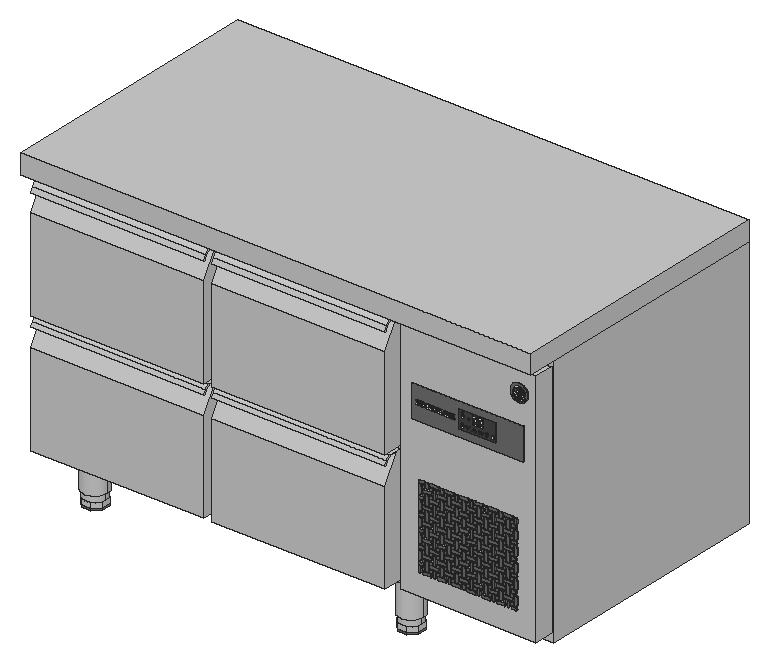
Revit family "QF_HOSHIZAKI_889000830", category Specialty Equipment, Revit 2016
Family settings
  Part Type = Normal
  Round Connector Dimension = Use Diameter
  OmniClass Number = 23.40.40.14
  OmniClass Title = Food Service Equipment
  Work Plane-Based = No
  Always vertical = Yes
  Cut with Voids When Loaded = No
  Shared = No
  Room Calculation Point = No
Parameters (values of type "889000830_230V/1Ph/50Hz")
  Weight = 95.00 kg
  Volts = 230 V
  URL Cutsheet = ""
  URL = "www.hoshizaki-europe.com"
  Status [instance] = ""
  Specification by User [instance] = ""
  Specification by Manufacturer [instance] = ""
  Serial Number = ""
  Seismic Rating = ""
  SMACNA No = ""
  Revision Code [instance] = ""
  Phase = 1
  Number of Poles = 2
  NAFEM Spec ID Number = ""
  Model = "ACR-130DG-22-CRC-L2"
  Min Ckt Ampacity = 0 A
  Max Overcurrent Protection = 0 A
  Masterspec = ""
  Manufacturer = "HOSHIZAKI"
  Length Actual = 1314 mm
  Item Number [instance] = ""
  Installed By [instance] = ""
  Identify Quantity as Lot [instance] = no
  Height Actual = 900 mm
  HP power = ""
  Furnished By [instance] = ""
  Foodservice Equipment Identifier [instance] = yes
  FL Amps = 1.1 A
  Electric power = 160 W
  Electric Connection Type [instance] = ""
  Elec Conn RI Height [instance] = 0 mm
  Elec Conn Connection Height [instance] = 200 mm
  Description = "ADVANCE 2-SECTION 1/1 GN REFRIGERATED COUNTER WITH 2 DRAWER SECTIONS EACH WITH 2 X 1/2 DRAWERS AND A FLAT WORKTOP"
  Depth Actual = 700 mm
  Cycle = 50 Hz
  Cost = 0
  Conn Plug = ""
  Conn Conduit = no
  CSI MasterFormat = ""
  Assembly Code = "E1090320"
  Apparent Power = 160 VA
  Accessory = no
Reference planes
  plane 1 "Center (Front/Back)": y = 0
  plane 2: z = 0
  plane 3 "Center (Left/Right)": x = 0
Forms (mm)
  Extrusion 1, solid, not visible
    sketch origin (1199, -17, 349) x (1, 0, 0) y (0, 1, 0)
      loop
        line (0, 0) -> (2, 0) -> (2, 2) -> (0, 2) -> (0, 0)
    from 0 to 2
Dimensions and locks
  aligned and locked: level to plane 2
Nested families
  nested 1: "QF_HOSHIZAKI_889000830_230V_1Ph_50Hz" at (0, 0, 150), type "889000830_230V/1Ph/50Hz"
    with Show Logo yes, Length Actual 1314 mm, Height Actual 650 mm, Depth Actual 700 mm, Compressor offset 958 mm, Compressor location 1
  nested 2: "QF_HOSHIZAKI_ADVANCE_REF-COUNTER-WORKTOPS" at (0, 0, 800), type "760660093"
    with Worktop thickness 50 mm, Length Actual 1314 mm, Depth Actual 700 mm, Backsplash thickness 20 mm, Backsplash height 100 mm
  nested 3: "QF_HOSHIZAKI_ADVANCE_REF-COUNTER-DOORS-DRAWERS" at (22, -700, 150), type "760660483-1"
    with Weight 0.00 kg, URL Cutsheet "", Status "", Specification by User "", Specification by Manufacturer "", Serial Number "", Seismic Rating "", Section size 446 mm, Section 3, SMACNA No "", Right hand hinged glass door no, Right hand hinged door no, Revision Code "", NAFEM Spec ID Number "", Masterspec "", Length Actual 0 mm, Left hand hinged glass door no, Left hand hinged door no, Item Number "", Installed By "", Identify Quantity as Lot no, Height Actual 0 mm, Furnished By "", Foodservice Equipment Identifier no, Depth Actual 0 mm, CSI MasterFormat "", Accessory yes, 3 Drawers no, 2 Drawers 1-3 and 2-3 no, 2 Drawers yes
  nested 4: "QF_HOSHIZAKI_ADVANCE_REF-COUNTER-DOORS-DRAWERS" at (488, -700, 150), type "760660483-1"
    with Weight 0.00 kg, URL Cutsheet "", Status "", Specification by User "", Specification by Manufacturer "", Serial Number "", Seismic Rating "", Section size 446 mm, Section 3, SMACNA No "", Right hand hinged glass door no, Right hand hinged door no, Revision Code "", NAFEM Spec ID Number "", Masterspec "", Length Actual 0 mm, Left hand hinged glass door no, Left hand hinged door no, Item Number "", Installed By "", Identify Quantity as Lot no, Height Actual 0 mm, Furnished By "", Foodservice Equipment Identifier no, Depth Actual 0 mm, CSI MasterFormat "", Accessory yes, 3 Drawers no, 2 Drawers 1-3 and 2-3 no, 2 Drawers yes
  nested 5: "QF_HOSHIZAKI_ADVANCE_REF-COUNTER-LEGS" at (0, 0, 0), type "760660118-5"
    with Weight 0.00 kg, URL Cutsheet "", Status "", Specification by User "", Specification by Manufacturer "", Serial Number "", Seismic Rating "", SMACNA No "", Revision Code "", NAFEM Spec ID Number "", Masterspec "", Length Actual 1314 mm, Legs inset right 430 mm, Legs inset rear 70 mm, Legs inset left 70 mm, Legs inset front 153 mm, Item Number "", Installed By "", Identify Quantity as Lot no, Height Actual 150 mm, Furnished By "", Foodservice Equipment Identifier no, Depth Actual 700 mm, Central Legs no, CSI MasterFormat "", Accessory yes
Connectors
  electrical at (1200, -15, 350), driven by "Apparent Power", driven by "Number of Poles", driven by "Volts"
    settings: on Extrusion 1, index 1, voltage 230 V, apparent load 0 VA, apparent load phase1 160 VA, apparent load phase2 0 VA, apparent load phase3 0 VA, power factor 1, load classification "Other", number of poles 2, system type 31, power factor state 1, is connector primary yes, connector utility no, sub classification motor no, connector description "Electric connection for '889000830'"
Definition of nested family "QF_HOSHIZAKI_889000830_230V_1Ph_50Hz"
  Parameters (values of type "889000830_230V/1Ph/50Hz")
    URL = "www.hoshizaki-europe.com"
    Show Logo [instance] = yes
    Model = "ACR-130DG-22-CRC-L2"
    Manufacturer = "HOSHIZAKI"
    Length Actual [instance] = 1314 mm
    Height Actual [instance] = 650 mm
    Description = "ADVANCE 2-SECTION 1/1 GN REFRIGERATED COUNTER WITH 2 DRAWER SECTIONS EACH WITH 2 X 1/2 DRAWERS AND A FLAT WORKTOP"
    Depth Actual [instance] = 700 mm
    Compressor offset [instance] = if(Compressor location = 1, Length Actual - 356 mm, if(Compressor location = 2, 7 mm, Length Actual - 356 mm))  # 958 mm
    Compressor location [instance] = 1
    Author = "SPECIFI"
    Assembly Code = "E1090320"
  Types (60, lengths in mm): name | Model | Length Actual | Description | Compressor offset
    889000840 | "ACR-130DG-LR-RRC-L1" | 1314 | "ADVANCE 2-SECTION 1/1 GN REFRIGERATED COUNTER WITH 2 DOORS AND A FLAT WORKTOP" | 958
    889000848 | "ACR-130DG-22-RRC-L1" | 1314 | "ADVANCE 2-SECTION 1/1 GN REFRIGERATED COUNTER WITH 2 DRAWER SECTIONS EACH WITH 2 X 1/2 DRAWERS AND A FLAT WORKTOP" | 958
    889000856 | "ACR-130DG-32-RRC-L1" | 1314 | "ADVANCE 2-SECTION 1/1 GN REFRIGERATED COUNTER WITH 1 DRAWER SECTION WITH 3 X 1/3 DRAWERS, 1 DRAWER SECTION WITH 2 X 1/2 DRAWERS AND A FLAT WORKTOP" | 958
    889000844 | "ACR-130DG-LR-RRS-L1" | 1314 | "ADVANCE 2-SECTION 1/1 GN REFRIGERATED COUNTER WITH 2 DOORS AND A WORKTOP WITH 100 MM SPLASHBACK" | 958
    889000852 | "ACR-130DG-22-RRS-L1" | 1314 | "ADVANCE 2-SECTION 1/1 GN REFRIGERATED COUNTER WITH 2 DRAWER SECTIONS EACH WITH 2 X 1/2 DRAWERS AND A WORKTOP WITH 100 MM SPLASHBACK" | 958
    889000861 | "ACR-130DG-LR-RRC-C1-U" | 1314 | "ADVANCE 2-SECTION 1/1 GN REFRIGERATED COUNTER WITH 2 DOORS AND A FLAT WORKTOP" | 958
    889000869 | "ACR-130DG-22-RRC-C1-U" | 1314 | "ADVANCE 2-SECTION 1/1 GN REFRIGERATED COUNTER WITH 2 DRAWER SECTIONS EACH WITH 2 X 1/2 DRAWERS AND A FLAT WORKTOP" | 958
    889000877 | "ACR-130DG-32-RRC-C1-U" | 1314 | "ADVANCE 2-SECTION 1/1 GN REFRIGERATED COUNTER WITH 1 DRAWER SECTION WITH 3 X 1/3 DRAWERS, 1 DRAWER SECTION WITH 2 X 1/2 DRAWERS AND A FLAT WORKTOP" | 958
    889000865 | "ACR-130DG-LR-RRS-C1-U" | 1314 | "ADVANCE 2-SECTION 1/1 GN REFRIGERATED COUNTER WITH 2 DOORS AND A WORKTOP WITH 100 MM SPLASHBACK" | 958
    889000873 | "ACR-130DG-22-RRS-C1-U" | 1314 | "ADVANCE 2-SECTION 1/1 GN REFRIGERATED COUNTER WITH 2 DRAWER SECTIONS EACH WITH 2 X 1/2 DRAWERS AND A WORKTOP WITH 100 MM SPLASHBACK" | 958
    889000842 | "ACR-130DG-LR-RRC-L2" | 1314 | "ADVANCE 2-SECTION 1/1 GN REFRIGERATED COUNTER WITH 2 DOORS AND A FLAT WORKTOP" | 958
    889000850 | "ACR-130DG-22-RRC-L2" | 1314 | "ADVANCE 2-SECTION 1/1 GN REFRIGERATED COUNTER WITH 2 DRAWER SECTIONS EACH WITH 2 X 1/2 DRAWERS AND A FLAT WORKTOP" | 958
    889000858 | "ACR-130DG-32-RRC-L2" | 1314 | "ADVANCE 2-SECTION 1/1 GN REFRIGERATED COUNTER WITH 1 DRAWER SECTION WITH 3 X 1/3 DRAWERS, 1 DRAWER SECTION WITH 2 X 1/2 DRAWERS AND A FLAT WORKTOP" | 958
    889000846 | "ACR-130DG-LR-RRS-L2" | 1314 | "ADVANCE 2-SECTION 1/1 GN REFRIGERATED COUNTER WITH 2 DOORS AND A WORKTOP WITH 100 MM SPLASHBACK" | 958
    889000854 | "ACR-130DG-22-RRS-L2" | 1314 | "ADVANCE 2-SECTION 1/1 GN REFRIGERATED COUNTER WITH 2 DRAWER SECTIONS EACH WITH 2 X 1/2 DRAWERS AND A WORKTOP WITH 100 MM SPLASHBACK" | 958
    889000822 | "ACR-130DG-LR-CRC-L2" | 1314 | "ADVANCE 2-SECTION 1/1 GN REFRIGERATED COUNTER WITH 2 DOORS AND A FLAT WORKTOP" | 958
    889000830_230V/1Ph/50Hz | "ACR-130DG-22-CRC-L2" | 1314 | "ADVANCE 2-SECTION 1/1 GN REFRIGERATED COUNTER WITH 2 DRAWER SECTIONS EACH WITH 2 X 1/2 DRAWERS AND A FLAT WORKTOP" | 958
    889000838 | "ACR-130DG-32-CRC-L2" | 1314 | "ADVANCE 2-SECTION 1/1 GN REFRIGERATED COUNTER WITH 1 DRAWER SECTION WITH 3 X 1/3 DRAWERS, 1 DRAWER SECTION WITH 2 X 1/2 DRAWERS AND A FLAT WORKTOP" | 958
    889000826 | "ACR-130DG-LR-CRS-L2" | 1314 | "ADVANCE 2-SECTION 1/1 GN REFRIGERATED COUNTER WITH 2 DOORS AND A WORKTOP WITH 100 MM SPLASHBACK" | 958
    889000834 | "ACR-130DG-22-CRS-L2" | 1314 | "ADVANCE 2-SECTION 1/1 GN REFRIGERATED COUNTER WITH 2 DRAWER SECTIONS EACH WITH 2 X 1/2 DRAWERS AND A WORKTOP WITH 100 MM SPLASHBACK" | 958
    889020840 | "ACR-180DG-LRR-RRC-L1" | 1780 | "ADVANCE 3-SECTION 1/1 GN REFRIGERATED COUNTER WITH 3 DOORS AND A FLAT WORKTOP" | 1424
    889020848 | "ACR-180DG-222-RRC-L1" | 1780 | "ADVANCE 3-SECTION 1/1 GN REFRIGERATED COUNTER WITH 3 DRAWER SECTIONS EACH WITH 2 X 1/2 DRAWERS AND A FLAT WORKTOP" | 1424
    889020856 | "ACR-180DG-332-RRC-L1" | 1780 | "ADVANCE 3-SECTION 1/1 GN REFRIGERATED COUNTER WITH 2 DRAWER SECTIONS EACH WITH 3 X 1/3 DRAWERS, 1 DRAWER SECTION WITH 2 X 1/2 DRAWERS AND A FLAT WORKTOP" | 1424
    889020844 | "ACR-180DG-LRR-RRS-L1" | 1780 | "ADVANCE 3-SECTION 1/1 GN REFRIGERATED COUNTER WITH 3 DOORS AND A WORKTOP WITH 100 MM SPLASHBACK" | 1424
    889020852 | "ACR-180DG-222-RRS-L1" | 1780 | "ADVANCE 3-SECTION 1/1 GN REFRIGERATED COUNTER WITH 3 DRAWER SECTIONS EACH WITH 2 X 1/2 DRAWERS AND A WORKTOP WITH 100 MM SPLASHBACK" | 1424
    889020861 | "ACR-180DG-LRR-RRC-C1-U" | 1780 | "ADVANCE 3-SECTION 1/1 GN REFRIGERATED COUNTER WITH 3 DOORS AND A FLAT WORKTOP" | 1424
    889020869 | "ACR-180DG-222-RRC-C1-U" | 1780 | "ADVANCE 3-SECTION 1/1 GN REFRIGERATED COUNTER WITH 3 DRAWER SECTIONS EACH WITH 2 X 1/2 DRAWERS AND A FLAT WORKTOP" | 1424
    889020877 | "ACR-180DG-332-RRC-C1-U" | 1780 | "ADVANCE 3-SECTION 1/1 GN REFRIGERATED COUNTER WITH 2 DRAWER SECTIONS EACH WITH 3 X 1/3 DRAWERS, 1 DRAWER SECTION WITH 2 X 1/2 DRAWERS AND A FLAT WORKTOP" | 1424
    889020865 | "ACR-180DG-LRR-RRS-C1-U" | 1780 | "ADVANCE 3-SECTION 1/1 GN REFRIGERATED COUNTER WITH 3 DOORS AND A WORKTOP WITH 100 MM SPLASHBACK" | 1424
    889020873 | "ACR-180DG-222-RRS-C1-U" | 1780 | "ADVANCE 3-SECTION 1/1 GN REFRIGERATED COUNTER WITH 3 DRAWER SECTIONS EACH WITH 2 X 1/2 DRAWERS AND A WORKTOP WITH 100 MM SPLASHBACK" | 1424
    889020842 | "ACR-180DG-LRR-RRC-L2" | 1780 | "ADVANCE 3-SECTION 1/1 GN REFRIGERATED COUNTER WITH 3 DOORS AND A FLAT WORKTOP" | 1424
    889020850 | "ACR-180DG-222-RRC-L2" | 1780 | "ADVANCE 3-SECTION 1/1 GN REFRIGERATED COUNTER WITH 3 DRAWER SECTIONS EACH WITH 2 X 1/2 DRAWERS AND A FLAT WORKTOP" | 1424
    889020858 | "ACR-180DG-332-RRC-L2" | 1780 | "ADVANCE 3-SECTION 1/1 GN REFRIGERATED COUNTER WITH 2 DRAWER SECTIONS EACH WITH 3 X 1/3 DRAWERS, 1 DRAWER SECTION WITH 2 X 1/2 DRAWERS AND A FLAT WORKTOP" | 1424
    889020846 | "ACR-180DG-LRR-RRS-L2" | 1780 | "ADVANCE 3-SECTION 1/1 GN REFRIGERATED COUNTER WITH 3 DOORS AND A WORKTOP WITH 100 MM SPLASHBACK" | 1424
    889020854 | "ACR-180DG-222-RRS-L2" | 1780 | "ADVANCE 3-SECTION 1/1 GN REFRIGERATED COUNTER WITH 3 DRAWER SECTIONS EACH WITH 2 X 1/2 DRAWERS AND A WORKTOP WITH 100 MM SPLASHBACK" | 1424
    889020823 | "ACR-180DG-LRR-CRC-L2" | 1780 | "ADVANCE 3-SECTION 1/1 GN REFRIGERATED COUNTER WITH 3 DOORS AND A FLAT WORKTOP" | 1424
    889020830 | "ACR-180DG-222-CRC-L2" | 1780 | "ADVANCE 3-SECTION 1/1 GN REFRIGERATED COUNTER WITH 3 DRAWER SECTIONS EACH WITH 2 X 1/2 DRAWERS AND A FLAT WORKTOP" | 1424
    889020838 | "ACR-180DG-332-CRC-L2" | 1780 | "ADVANCE 3-SECTION 1/1 GN REFRIGERATED COUNTER WITH 2 DRAWER SECTIONS EACH WITH 3 X 1/3 DRAWERS, 1 DRAWER SECTION WITH 2 X 1/2 DRAWERS AND A FLAT WORKTOP" | 1424
    889020827 | "ACR-180DG-LRR-CRS-L2" | 1780 | "ADVANCE 3-SECTION 1/1 GN REFRIGERATED COUNTER WITH 3 DOORS AND A WORKTOP WITH 100 MM SPLASHBACK" | 1424
    889020834 | "ACR-180DG-222-CRS-L2" | 1780 | "ADVANCE 3-SECTION 1/1 GN REFRIGERATED COUNTER WITH 3 DRAWER SECTIONS EACH WITH 2 X 1/2 DRAWERS AND A WORKTOP WITH 100 MM SPLASHBACK" | 1424
    889040840 | "ACR-225DG-LLRR-RRC-L1" | 2246 | "ADVANCE 4-SECTION 1/1 GN REFRIGERATED COUNTER WITH 4 DOORS AND A FLAT WORKTOP" | 1890
    889040848 | "ACR-225DG-2222-RRC-L1" | 2246 | "ADVANCE 4-SECTION 1/1 GN REFRIGERATED COUNTER WITH 4 DRAWER SECTIONS EACH WITH 2 X 1/2 DRAWERS AND A FLAT WORKTOP" | 1890
    889040856 | "ACR-225DG-3332-RRC-L1" | 2246 | "ADVANCE 4-SECTION 1/1 GN REFRIGERATED COUNTER WITH 3 DRAWER SECTIONS EACH WITH 3 X 1/3 DRAWERS, 1 DRAWER SECTION WITH 2 X 1/2 DRAWERS AND A FLAT WORKTOP" | 1890
    889040844 | "ACR-225DG-LLRR-RRS-L1" | 2246 | "ADVANCE 4-SECTION 1/1 GN REFRIGERATED COUNTER WITH 4 DOORS AND A WORKTOP WITH 100 MM SPLASHBACK" | 1890
    889040852 | "ACR-225DG-2222-RRS-L1" | 2246 | "ADVANCE 4-SECTION 1/1 GN REFRIGERATED COUNTER WITH 4 DRAWER SECTIONS EACH WITH 2 X 1/2 DRAWERS AND A WORKTOP WITH 100 MM SPLASHBACK" | 1890
    889040861 | "ACR-225DG-LLRR-RRC-C1-U" | 2246 | "ADVANCE 4-SECTION 1/1 GN REFRIGERATED COUNTER WITH 4 DOORS AND A FLAT WORKTOP" | 1890
    889040869 | "ACR-225DG-2222-RRC-C1-U" | 2246 | "ADVANCE 4-SECTION 1/1 GN REFRIGERATED COUNTER WITH 4 DRAWER SECTIONS EACH WITH 2 X 1/2 DRAWERS AND A FLAT WORKTOP" | 1890
    889040877 | "ACR-225DG-3332-RRC-C1-U" | 2246 | "ADVANCE 4-SECTION 1/1 GN REFRIGERATED COUNTER WITH 3 DRAWER SECTIONS EACH WITH 3 X 1/3 DRAWERS, 1 DRAWER SECTION WITH 2 X 1/2 DRAWERS AND A FLAT WORKTOP" | 1890
    889040865 | "ACR-225DG-LLRR-RRS-C1-U" | 2246 | "ADVANCE 4-SECTION 1/1 GN REFRIGERATED COUNTER WITH 4 DOORS AND A WORKTOP WITH 100 MM SPLASHBACK" | 1890
    889040873 | "ACR-225DG-2222-RRS-C1-U" | 2246 | "ADVANCE 4-SECTION 1/1 GN REFRIGERATED COUNTER WITH 4 DRAWER SECTIONS EACH WITH 2 X 1/2 DRAWERS AND A WORKTOP WITH 100 MM SPLASHBACK" | 1890
    889040842 | "ACR-225DG-LLRR-RRC-L2" | 2246 | "ADVANCE 4-SECTION 1/1 GN REFRIGERATED COUNTER WITH 4 DOORS AND A FLAT WORKTOP" | 1890
    889040850 | "ACR-225DG-2222-RRC-L2" | 2246 | "ADVANCE 4-SECTION 1/1 GN REFRIGERATED COUNTER WITH 4 DRAWER SECTIONS EACH WITH 2 X 1/2 DRAWERS AND A FLAT WORKTOP" | 1890
    889040858 | "ACR-225DG-3332-RRC-L2" | 2246 | "ADVANCE 4-SECTION 1/1 GN REFRIGERATED COUNTER WITH 3 DRAWER SECTIONS EACH WITH 3 X 1/3 DRAWERS, 1 DRAWER SECTION WITH 2 X 1/2 DRAWERS AND A FLAT WORKTOP" | 1890
    889040846 | "ACR-225DG-LLRR-RRS-L2" | 2246 | "ADVANCE 4-SECTION 1/1 GN REFRIGERATED COUNTER WITH 4 DOORS AND A WORKTOP WITH 100 MM SPLASHBACK" | 1890
    889040854 | "ACR-225DG-2222-RRS-L2" | 2246 | "ADVANCE 4-SECTION 1/1 GN REFRIGERATED COUNTER WITH 4 DRAWER SECTIONS EACH WITH 2 X 1/2 DRAWERS AND A WORKTOP WITH 100 MM SPLASHBACK" | 1890
    889040822 | "ACR-225DG-LLRR-CRC-L2" | 2246 | "ADVANCE 4-SECTION 1/1 GN REFRIGERATED COUNTER WITH 4 DOORS AND A FLAT WORKTOP" | 1890
    889040830 | "ACR-225DG-2222-CRC-L2" | 2246 | "ADVANCE 4-SECTION 1/1 GN REFRIGERATED COUNTER WITH 4 DRAWER SECTIONS EACH WITH 2 X 1/2 DRAWERS AND A FLAT WORKTOP" | 1890
    889040838 | "ACR-225DG-3332-CRC-L2" | 2246 | "ADVANCE 4-SECTION 1/1 GN REFRIGERATED COUNTER WITH 3 DRAWER SECTIONS EACH WITH 3 X 1/3 DRAWERS, 1 DRAWER SECTION WITH 2 X 1/2 DRAWERS AND A FLAT WORKTOP" | 1890
    889040826 | "ACR-225DG-LLRR-CRS-L2" | 2246 | "ADVANCE 4-SECTION 1/1 GN REFRIGERATED COUNTER WITH 4 DOORS AND A WORKTOP WITH 100 MM SPLASHBACK" | 1890
    889040834 | "ACR-225DG-2222-CRS-L2" | 2246 | "ADVANCE 4-SECTION 1/1 GN REFRIGERATED COUNTER WITH 4 DRAWER SECTIONS EACH WITH 2 X 1/2 DRAWERS AND A WORKTOP WITH 100 MM SPLASHBACK" | 1890
  Reference planes
    plane 1 "Back": y = 0
    plane 2: z = 0
    plane 3 "Left": x = 0
    plane 4 "Right": x = 1314
    plane 5 "Front": y = -700
    plane 6 "Top": z = 650
    plane 7 "Front legs": y = -624.512
    plane 8 "Compressor dimension": x = 1314
    plane 9 "Compressor offset": x = 958
  Forms (mm)
    Extrusion 1, solid
      sketch origin (0, 0, 0) x (0, 1, 0) y (0, 0, 1)
        loop
          line (0, 650) -> (-624.512, 650) -> (-624.512, 0) -> (0, 0) -> (0, 650)
      from 0 to 1314
    Extrusion 2, solid
      sketch origin (958, 0, 0) x (0, -1, 0) y (0, 0, 1)
        loop
          line (624.512, 634) -> (624.512, 20) -> (674.54, 20) -> (674.54, 634) -> (624.512, 634)
      from 0 to -349
  Lines and regions (mm)
    symbolic lines
      curve 1: line (0, 0, 650) -> (1314, 0, 650)
      curve 2: line (0, -700, 650) -> (0, 0, 650)
      curve 3: line (1314, -700, 650) -> (0, -700, 650)
      curve 4: line (1314, 0, 650) -> (1314, -700, 650)
  Dimensions and locks
    "Length Actual": plane 3 "Left" to plane 4 "Right"
    "Depth Actual": plane 5 "Front" to plane 1 "Back"
    plane 7 "Front legs" to plane 5 "Front" = 75.488 mm
    "Compressor offset": plane 3 "Left" to plane 9 "Compressor offset"
    locked: plane 9 "Compressor offset" to plane 8 "Compressor dimension" at 356
    plane 6 "Top" to level = 650 mm
    aligned and locked: level to plane 2
    aligned and locked: plane 1 "Back" to Extrusion 1 sketch curve
    aligned and locked: plane 7 "Front legs" to Extrusion 1 sketch curve
    aligned and locked: Extrusion 1 to plane 4 "Right"
    aligned and locked: plane 7 "Front legs" to Extrusion 2 sketch curve
    aligned and locked: nested 1 to plane 5 "Front"
    aligned and locked: nested 1 to plane 9 "Compressor offset"
    aligned and locked: Extrusion 1 sketch curve to plane 6 "Top"
    aligned and locked: plane 2 to Extrusion 1 sketch curve
    aligned and locked: plane 1 "Back" to curve 1
    aligned and locked: plane 5 "Front" to curve 3
    aligned and locked: plane 4 "Right" to curve 4
    aligned and locked: plane 3 "Left" to curve 2
  Automatic sketch dimensions
    plane 5 "Front" to Extrusion 2 sketch curve = 25.46 mm
    level to Extrusion 2 sketch curve = 20 mm
    Extrusion 2 sketch curve to plane 6 "Top" = 16 mm
  Nested families
    nested 1: "Control-panel" at (958, -700, 0), Show Logo <- "Show Logo", type "Control-panel"
      with Show Logo yes
  Definition of nested family "Control-panel"
    Parameters (values of type "Control-panel")
      Show Logo [instance] = yes
    Reference planes
      plane 1 "Center (Front/Back)": y = 0
      plane 2: z = 0
      plane 3 "Center (Left/Right)": x = 0
      plane 4: z = 650
    Forms (mm)
      Extrusion 1, solid
        sketch origin (-3653, 19.5, -135) x (-1, 0, 0) y (0, 0, 1)
          loop
            arc (-3941, 426) -> (-3944.5, 422.5) -> (-3941, 419) r 3.5
            line (-3941, 419) -> (-3923, 419)
            arc (-3923, 419) -> (-3919.5, 422.5) -> (-3923, 426) r 3.5
            line (-3923, 426) -> (-3941, 426)
          loop
            arc (-3903, 426) -> (-3906.5, 422.5) -> (-3903, 419) r 3.5
            line (-3903, 419) -> (-3885, 419)
            arc (-3885, 419) -> (-3881.5, 422.5) -> (-3885, 426) r 3.5
            line (-3885, 426) -> (-3903, 426)
          loop
            arc (-3865, 426) -> (-3868.5, 422.5) -> (-3865, 419) r 3.5
            line (-3865, 419) -> (-3847, 419)
            arc (-3847, 419) -> (-3843.5, 422.5) -> (-3847, 426) r 3.5
            line (-3847, 426) -> (-3865, 426)
          loop
            arc (-3827, 426) -> (-3830.5, 422.5) -> (-3827, 419) r 3.5
            line (-3827, 419) -> (-3809, 419)
            arc (-3809, 419) -> (-3805.5, 422.5) -> (-3809, 426) r 3.5
            line (-3809, 426) -> (-3827, 426)
          loop
            arc (-3789, 426) -> (-3792.5, 422.5) -> (-3789, 419) r 3.5
            line (-3789, 419) -> (-3771, 419)
            arc (-3771, 419) -> (-3767.5, 422.5) -> (-3771, 426) r 3.5
            line (-3771, 426) -> (-3789, 426)
          loop
            arc (-3751, 426) -> (-3754.5, 422.5) -> (-3751, 419) r 3.5
            line (-3751, 419) -> (-3733, 419)
            arc (-3733, 419) -> (-3729.5, 422.5) -> (-3733, 426) r 3.5
            line (-3733, 426) -> (-3751, 426)
          loop
            arc (-3713, 426) -> (-3716.5, 422.5) -> (-3713, 419) r 3.5
            line (-3713, 419) -> (-3704, 419)
            arc (-3704, 419) -> (-3700.5, 422.5) -> (-3704, 426) r 3.5
            line (-3704, 426) -> (-3713, 426)
          loop
            arc (-3948, 422) -> (-3951, 425) -> (-3954, 422) r 3
            line (-3954, 422) -> (-3954, 413)
            arc (-3954, 413) -> (-3951, 410) -> (-3948, 413) r 3
            line (-3948, 413) -> (-3948, 422)
          loop
            line (-3938.025, 416.51) -> (-3945.025, 416.51) -> (-3945.025, 409.51) -> (-3938.025, 409.51) -> (-3938.025, 416.51)
          loop
            line (-3919.025, 416.51) -> (-3926.025, 416.51) -> (-3926.025, 409.51) -> (-3919.025, 409.51) -> (-3919.025, 416.51)
          loop
            arc (-3910, 422) -> (-3913, 425) -> (-3916, 422) r 3
            line (-3916, 422) -> (-3916, 413)
            arc (-3916, 413) -> (-3913, 410) -> (-3910, 413) r 3
            line (-3910, 413) -> (-3910, 422)
          loop
            line (-3900.025, 416.51) -> (-3907.025, 416.51) -> (-3907.025, 409.51) -> (-3900.025, 409.51) -> (-3900.025, 416.51)
          loop
            line (-3881.025, 416.51) -> (-3888.025, 416.51) -> (-3888.025, 409.51) -> (-3881.025, 409.51) -> (-3881.025, 416.51)
          loop
            arc (-3872, 422) -> (-3875, 425) -> (-3878, 422) r 3
            line (-3878, 422) -> (-3878, 413)
            arc (-3878, 413) -> (-3875, 410) -> (-3872, 413) r 3
            line (-3872, 413) -> (-3872, 422)
          loop
            line (-3862.025, 416.51) -> (-3869.025, 416.51) -> (-3869.025, 409.51) -> (-3862.025, 409.51) -> (-3862.025, 416.51)
          loop
            line (-3843.025, 416.51) -> (-3850.025, 416.51) -> (-3850.025, 409.51) -> (-3843.025, 409.51) -> (-3843.025, 416.51)
          loop
            arc (-3834, 422) -> (-3837, 425) -> (-3840, 422) r 3
            line (-3840, 422) -> (-3840, 413)
            arc (-3840, 413) -> (-3837, 410) -> (-3834, 413) r 3
            line (-3834, 413) -> (-3834, 422)
          loop
            line (-3824.025, 416.51) -> (-3831.025, 416.51) -> (-3831.025, 409.51) -> (-3824.025, 409.51) -> (-3824.025, 416.51)
          loop
            line (-3805.025, 416.51) -> (-3812.025, 416.51) -> (-3812.025, 409.51) -> (-3805.025, 409.51) -> (-3805.025, 416.51)
          loop
            arc (-3796, 422) -> (-3799, 425) -> (-3802, 422) r 3
            line (-3802, 422) -> (-3802, 413)
            arc (-3802, 413) -> (-3799, 410) -> (-3796, 413) r 3
            line (-3796, 413) -> (-3796, 422)
          loop
            line (-3786.025, 416.51) -> (-3793.025, 416.51) -> (-3793.025, 409.51) -> (-3786.025, 409.51) -> (-3786.025, 416.51)
          loop
            line (-3767.025, 416.51) -> (-3774.025, 416.51) -> (-3774.025, 409.51) -> (-3767.025, 409.51) -> (-3767.025, 416.51)
          loop
            arc (-3758, 422) -> (-3761, 425) -> (-3764, 422) r 3
            line (-3764, 422) -> (-3764, 413)
            arc (-3764, 413) -> (-3761, 410) -> (-3758, 413) r 3
            line (-3758, 413) -> (-3758, 422)
          loop
            line (-3748.025, 416.51) -> (-3755.025, 416.51) -> (-3755.025, 409.51) -> (-3748.025, 409.51) -> (-3748.025, 416.51)
          loop
            line (-3729.025, 416.51) -> (-3736.025, 416.51) -> (-3736.025, 409.51) -> (-3729.025, 409.51) -> (-3729.025, 416.51)
          loop
            arc (-3720, 422) -> (-3723, 425) -> (-3726, 422) r 3
            line (-3726, 422) -> (-3726, 413)
            arc (-3726, 413) -> (-3723, 410) -> (-3720, 413) r 3
            line (-3720, 413) -> (-3720, 422)
          loop
            line (-3710.025, 416.51) -> (-3717.025, 416.51) -> (-3717.025, 409.51) -> (-3710.025, 409.51) -> (-3710.025, 416.51)
          loop
            line (-3935.5, 412.5) -> (-3935.5, 394.5)
            arc (-3935.5, 394.5) -> (-3932, 391) -> (-3928.5, 394.5) r 3.5
            line (-3928.5, 394.5) -> (-3928.5, 412.5)
            arc (-3928.5, 412.5) -> (-3932, 416) -> (-3935.5, 412.5) r 3.5
          loop
            line (-3897.5, 412.5) -> (-3897.5, 394.5)
            arc (-3897.5, 394.5) -> (-3894, 391) -> (-3890.5, 394.5) r 3.5
            line (-3890.5, 394.5) -> (-3890.5, 412.5)
            arc (-3890.5, 412.5) -> (-3894, 416) -> (-3897.5, 412.5) r 3.5
          loop
            line (-3859.5, 412.5) -> (-3859.5, 394.5)
            arc (-3859.5, 394.5) -> (-3856, 391) -> (-3852.5, 394.5) r 3.5
            line (-3852.5, 394.5) -> (-3852.5, 412.5)
            arc (-3852.5, 412.5) -> (-3856, 416) -> (-3859.5, 412.5) r 3.5
          loop
            line (-3821.5, 412.5) -> (-3821.5, 394.5)
            arc (-3821.5, 394.5) -> (-3818, 391) -> (-3814.5, 394.5) r 3.5
            line (-3814.5, 394.5) -> (-3814.5, 412.5)
            arc (-3814.5, 412.5) -> (-3818, 416) -> (-3821.5, 412.5) r 3.5
          loop
            line (-3783.5, 412.5) -> (-3783.5, 394.5)
            arc (-3783.5, 394.5) -> (-3780, 391) -> (-3776.5, 394.5) r 3.5
            line (-3776.5, 394.5) -> (-3776.5, 412.5)
            arc (-3776.5, 412.5) -> (-3780, 416) -> (-3783.5, 412.5) r 3.5
          loop
            line (-3745.5, 412.5) -> (-3745.5, 394.5)
            arc (-3745.5, 394.5) -> (-3742, 391) -> (-3738.5, 394.5) r 3.5
            line (-3738.5, 394.5) -> (-3738.5, 412.5)
            arc (-3738.5, 412.5) -> (-3742, 416) -> (-3745.5, 412.5) r 3.5
          loop
            line (-3707.5, 412.5) -> (-3707.5, 394.5)
            arc (-3707.5, 394.5) -> (-3704, 391) -> (-3700.5, 394.5) r 3.5
            line (-3700.5, 394.5) -> (-3700.5, 412.5)
            arc (-3700.5, 412.5) -> (-3704, 416) -> (-3707.5, 412.5) r 3.5
          loop
            arc (-3922, 407) -> (-3925.5, 403.5) -> (-3922, 400) r 3.5
            line (-3922, 400) -> (-3904, 400)
            arc (-3904, 400) -> (-3900.5, 403.5) -> (-3904, 407) r 3.5
            line (-3904, 407) -> (-3922, 407)
          loop
            arc (-3884, 407) -> (-3887.5, 403.5) -> (-3884, 400) r 3.5
            line (-3884, 400) -> (-3866, 400)
            arc (-3866, 400) -> (-3862.5, 403.5) -> (-3866, 407) r 3.5
            line (-3866, 407) -> (-3884, 407)
          loop
            arc (-3846, 407) -> (-3849.5, 403.5) -> (-3846, 400) r 3.5
            line (-3846, 400) -> (-3828, 400)
            arc (-3828, 400) -> (-3824.5, 403.5) -> (-3828, 407) r 3.5
            line (-3828, 407) -> (-3846, 407)
          loop
            arc (-3808, 407) -> (-3811.5, 403.5) -> (-3808, 400) r 3.5
            line (-3808, 400) -> (-3790, 400)
            arc (-3790, 400) -> (-3786.5, 403.5) -> (-3790, 407) r 3.5
            line (-3790, 407) -> (-3808, 407)
          loop
            arc (-3770, 407) -> (-3773.5, 403.5) -> (-3770, 400) r 3.5
            line (-3770, 400) -> (-3752, 400)
            arc (-3752, 400) -> (-3748.5, 403.5) -> (-3752, 407) r 3.5
            line (-3752, 407) -> (-3770, 407)
          loop
            arc (-3732, 407) -> (-3735.5, 403.5) -> (-3732, 400) r 3.5
            line (-3732, 400) -> (-3714, 400)
            arc (-3714, 400) -> (-3710.5, 403.5) -> (-3714, 407) r 3.5
            line (-3714, 407) -> (-3732, 407)
          loop
            line (-3938.025, 390.49) -> (-3938.025, 397.49) -> (-3945.025, 397.49) -> (-3945.025, 390.49) -> (-3938.025, 390.49)
          loop
            line (-3919.025, 390.49) -> (-3919.025, 397.49) -> (-3926.025, 397.49) -> (-3926.025, 390.49) -> (-3919.025, 390.49)
          loop
            line (-3900.025, 390.49) -> (-3900.025, 397.49) -> (-3907.025, 397.49) -> (-3907.025, 390.49) -> (-3900.025, 390.49)
          loop
            line (-3881.025, 390.49) -> (-3881.025, 397.49) -> (-3888.025, 397.49) -> (-3888.025, 390.49) -> (-3881.025, 390.49)
          loop
            line (-3862.025, 390.49) -> (-3862.025, 397.49) -> (-3869.025, 397.49) -> (-3869.025, 390.49) -> (-3862.025, 390.49)
          loop
            line (-3843.025, 390.49) -> (-3843.025, 397.49) -> (-3850.025, 397.49) -> (-3850.025, 390.49) -> (-3843.025, 390.49)
          loop
            line (-3824.025, 390.49) -> (-3824.025, 397.49) -> (-3831.025, 397.49) -> (-3831.025, 390.49) -> (-3824.025, 390.49)
          loop
            line (-3805.025, 390.49) -> (-3805.025, 397.49) -> (-3812.025, 397.49) -> (-3812.025, 390.49) -> (-3805.025, 390.49)
          loop
            line (-3786.025, 390.49) -> (-3786.025, 397.49) -> (-3793.025, 397.49) -> (-3793.025, 390.49) -> (-3786.025, 390.49)
          loop
            line (-3767.025, 390.49) -> (-3767.025, 397.49) -> (-3774.025, 397.49) -> (-3774.025, 390.49) -> (-3767.025, 390.49)
          loop
            line (-3748.025, 390.49) -> (-3748.025, 397.49) -> (-3755.025, 397.49) -> (-3755.025, 390.49) -> (-3748.025, 390.49)
          loop
            line (-3729.025, 390.49) -> (-3729.025, 397.49) -> (-3736.025, 397.49) -> (-3736.025, 390.49) -> (-3729.025, 390.49)
          loop
            line (-3710.025, 390.49) -> (-3710.025, 397.49) -> (-3717.025, 397.49) -> (-3717.025, 390.49) -> (-3710.025, 390.49)
          loop
            arc (-3719.5, 393.5) -> (-3723, 397) -> (-3726.5, 393.5) r 3.5
            line (-3726.5, 393.5) -> (-3726.5, 375.5)
            arc (-3726.5, 375.5) -> (-3723, 372) -> (-3719.5, 375.5) r 3.5
            line (-3719.5, 375.5) -> (-3719.5, 393.5)
          loop
            arc (-3757.5, 393.5) -> (-3761, 397) -> (-3764.5, 393.5) r 3.5
            line (-3764.5, 393.5) -> (-3764.5, 375.5)
            arc (-3764.5, 375.5) -> (-3761, 372) -> (-3757.5, 375.5) r 3.5
            line (-3757.5, 375.5) -> (-3757.5, 393.5)
          loop
            arc (-3795.5, 393.5) -> (-3799, 397) -> (-3802.5, 393.5) r 3.5
            line (-3802.5, 393.5) -> (-3802.5, 375.5)
            arc (-3802.5, 375.5) -> (-3799, 372) -> (-3795.5, 375.5) r 3.5
            line (-3795.5, 375.5) -> (-3795.5, 393.5)
          loop
            arc (-3833.5, 393.5) -> (-3837, 397) -> (-3840.5, 393.5) r 3.5
            line (-3840.5, 393.5) -> (-3840.5, 375.5)
            arc (-3840.5, 375.5) -> (-3837, 372) -> (-3833.5, 375.5) r 3.5
            line (-3833.5, 375.5) -> (-3833.5, 393.5)
          loop
            arc (-3871.5, 393.5) -> (-3875, 397) -> (-3878.5, 393.5) r 3.5
            line (-3878.5, 393.5) -> (-3878.5, 375.5)
            arc (-3878.5, 375.5) -> (-3875, 372) -> (-3871.5, 375.5) r 3.5
            line (-3871.5, 375.5) -> (-3871.5, 393.5)
          loop
            arc (-3909.5, 393.5) -> (-3913, 397) -> (-3916.5, 393.5) r 3.5
            line (-3916.5, 393.5) -> (-3916.5, 375.5)
            arc (-3916.5, 375.5) -> (-3913, 372) -> (-3909.5, 375.5) r 3.5
            line (-3909.5, 375.5) -> (-3909.5, 393.5)
          loop
            arc (-3951, 406.5) -> (-3954, 403.5) -> (-3951, 400.5) r 3
            line (-3951, 400.5) -> (-3942, 400.5)
            arc (-3942, 400.5) -> (-3939, 403.5) -> (-3942, 406.5) r 3
            line (-3942, 406.5) -> (-3951, 406.5)
          loop
            arc (-3947.5, 393.5) -> (-3951, 397) -> (-3954.5, 393.5) r 3.5
            line (-3954.5, 393.5) -> (-3954.5, 375.5)
            arc (-3954.5, 375.5) -> (-3951, 372) -> (-3947.5, 375.5) r 3.5
            line (-3947.5, 375.5) -> (-3947.5, 393.5)
          loop
            arc (-3941, 388.51) -> (-3944.5, 385.01) -> (-3941, 381.51) r 3.5
            line (-3941, 381.51) -> (-3923, 381.51)
            arc (-3923, 381.51) -> (-3919.5, 385.01) -> (-3923, 388.51) r 3.5
            line (-3923, 388.51) -> (-3941, 388.51)
          loop
            arc (-3903, 388.51) -> (-3906.5, 385.01) -> (-3903, 381.51) r 3.5
            line (-3903, 381.51) -> (-3885, 381.51)
            arc (-3885, 381.51) -> (-3881.5, 385.01) -> (-3885, 388.51) r 3.5
            line (-3885, 388.51) -> (-3903, 388.51)
          loop
            arc (-3865, 388.51) -> (-3868.5, 385.01) -> (-3865, 381.51) r 3.5
            line (-3865, 381.51) -> (-3847, 381.51)
            arc (-3847, 381.51) -> (-3843.5, 385.01) -> (-3847, 388.51) r 3.5
            line (-3847, 388.51) -> (-3865, 388.51)
          loop
            arc (-3827, 388.51) -> (-3830.5, 385.01) -> (-3827, 381.51) r 3.5
            line (-3827, 381.51) -> (-3809, 381.51)
            arc (-3809, 381.51) -> (-3805.5, 385.01) -> (-3809, 388.51) r 3.5
            line (-3809, 388.51) -> (-3827, 388.51)
          loop
            arc (-3789, 388.51) -> (-3792.5, 385.01) -> (-3789, 381.51) r 3.5
            line (-3789, 381.51) -> (-3771, 381.51)
            arc (-3771, 381.51) -> (-3767.5, 385.01) -> (-3771, 388.51) r 3.5
            line (-3771, 388.51) -> (-3789, 388.51)
          loop
            arc (-3751, 388.51) -> (-3754.5, 385.01) -> (-3751, 381.51) r 3.5
            line (-3751, 381.51) -> (-3733, 381.51)
            arc (-3733, 381.51) -> (-3729.5, 385.01) -> (-3733, 388.51) r 3.5
            line (-3733, 388.51) -> (-3751, 388.51)
          loop
            arc (-3713, 388.51) -> (-3716.5, 385.01) -> (-3713, 381.51) r 3.5
            line (-3713, 381.51) -> (-3704, 381.51)
            arc (-3704, 381.51) -> (-3700.5, 385.01) -> (-3704, 388.51) r 3.5
            line (-3704, 388.51) -> (-3713, 388.51)
          loop
            line (-3938.025, 379.02) -> (-3945.025, 379.02) -> (-3945.025, 372.02) -> (-3938.025, 372.02) -> (-3938.025, 379.02)
          loop
            line (-3919.025, 379.02) -> (-3926.025, 379.02) -> (-3926.025, 372.02) -> (-3919.025, 372.02) -> (-3919.025, 379.02)
          loop
            line (-3900.025, 379.02) -> (-3907.025, 379.02) -> (-3907.025, 372.02) -> (-3900.025, 372.02) -> (-3900.025, 379.02)
          loop
            line (-3881.025, 379.02) -> (-3888.025, 379.02) -> (-3888.025, 372.02) -> (-3881.025, 372.02) -> (-3881.025, 379.02)
          loop
            line (-3862.025, 379.02) -> (-3869.025, 379.02) -> (-3869.025, 372.02) -> (-3862.025, 372.02) -> (-3862.025, 379.02)
          loop
            line (-3843.025, 379.02) -> (-3850.025, 379.02) -> (-3850.025, 372.02) -> (-3843.025, 372.02) -> (-3843.025, 379.02)
          loop
            line (-3824.025, 379.02) -> (-3831.025, 379.02) -> (-3831.025, 372.02) -> (-3824.025, 372.02) -> (-3824.025, 379.02)
          loop
            line (-3805.025, 379.02) -> (-3812.025, 379.02) -> (-3812.025, 372.02) -> (-3805.025, 372.02) -> (-3805.025, 379.02)
          loop
            line (-3786.025, 379.02) -> (-3793.025, 379.02) -> (-3793.025, 372.02) -> (-3786.025, 372.02) -> (-3786.025, 379.02)
          loop
            line (-3767.025, 379.02) -> (-3774.025, 379.02) -> (-3774.025, 372.02) -> (-3767.025, 372.02) -> (-3767.025, 379.02)
          loop
            line (-3748.025, 379.02) -> (-3755.025, 379.02) -> (-3755.025, 372.02) -> (-3748.025, 372.02) -> (-3748.025, 379.02)
          loop
            line (-3729.025, 379.02) -> (-3736.025, 379.02) -> (-3736.025, 372.02) -> (-3729.025, 372.02) -> (-3729.025, 379.02)
          loop
            line (-3710.025, 379.02) -> (-3717.025, 379.02) -> (-3717.025, 372.02) -> (-3710.025, 372.02) -> (-3710.025, 379.02)
          loop
            line (-3935.5, 375.01) -> (-3935.5, 357.01)
            arc (-3935.5, 357.01) -> (-3932, 353.51) -> (-3928.5, 357.01) r 3.5
            line (-3928.5, 357.01) -> (-3928.5, 375.01)
            arc (-3928.5, 375.01) -> (-3932, 378.51) -> (-3935.5, 375.01) r 3.5
          loop
            line (-3897.5, 375.01) -> (-3897.5, 357.01)
            arc (-3897.5, 357.01) -> (-3894, 353.51) -> (-3890.5, 357.01) r 3.5
            line (-3890.5, 357.01) -> (-3890.5, 375.01)
            arc (-3890.5, 375.01) -> (-3894, 378.51) -> (-3897.5, 375.01) r 3.5
          loop
            line (-3859.5, 375.01) -> (-3859.5, 357.01)
            arc (-3859.5, 357.01) -> (-3856, 353.51) -> (-3852.5, 357.01) r 3.5
            line (-3852.5, 357.01) -> (-3852.5, 375.01)
            arc (-3852.5, 375.01) -> (-3856, 378.51) -> (-3859.5, 375.01) r 3.5
          loop
            line (-3821.5, 375.01) -> (-3821.5, 357.01)
            arc (-3821.5, 357.01) -> (-3818, 353.51) -> (-3814.5, 357.01) r 3.5
            line (-3814.5, 357.01) -> (-3814.5, 375.01)
            arc (-3814.5, 375.01) -> (-3818, 378.51) -> (-3821.5, 375.01) r 3.5
          loop
            line (-3783.5, 375.01) -> (-3783.5, 357.01)
            arc (-3783.5, 357.01) -> (-3780, 353.51) -> (-3776.5, 357.01) r 3.5
            line (-3776.5, 357.01) -> (-3776.5, 375.01)
            arc (-3776.5, 375.01) -> (-3780, 378.51) -> (-3783.5, 375.01) r 3.5
          loop
            line (-3745.5, 375.01) -> (-3745.5, 357.01)
            arc (-3745.5, 357.01) -> (-3742, 353.51) -> (-3738.5, 357.01) r 3.5
            line (-3738.5, 357.01) -> (-3738.5, 375.01)
            arc (-3738.5, 375.01) -> (-3742, 378.51) -> (-3745.5, 375.01) r 3.5
          loop
            line (-3707.5, 375.01) -> (-3707.5, 357.01)
            arc (-3707.5, 357.01) -> (-3704, 353.51) -> (-3700.5, 357.01) r 3.5
            line (-3700.5, 357.01) -> (-3700.5, 375.01)
            arc (-3700.5, 375.01) -> (-3704, 378.51) -> (-3707.5, 375.01) r 3.5
          loop
            arc (-3922, 369.51) -> (-3925.5, 366.01) -> (-3922, 362.51) r 3.5
            line (-3922, 362.51) -> (-3904, 362.51)
            arc (-3904, 362.51) -> (-3900.5, 366.01) -> (-3904, 369.51) r 3.5
            line (-3904, 369.51) -> (-3922, 369.51)
          loop
            arc (-3884, 369.51) -> (-3887.5, 366.01) -> (-3884, 362.51) r 3.5
            line (-3884, 362.51) -> (-3866, 362.51)
            arc (-3866, 362.51) -> (-3862.5, 366.01) -> (-3866, 369.51) r 3.5
            line (-3866, 369.51) -> (-3884, 369.51)
          loop
            arc (-3846, 369.51) -> (-3849.5, 366.01) -> (-3846, 362.51) r 3.5
            line (-3846, 362.51) -> (-3828, 362.51)
            arc (-3828, 362.51) -> (-3824.5, 366.01) -> (-3828, 369.51) r 3.5
            line (-3828, 369.51) -> (-3846, 369.51)
          loop
            arc (-3808, 369.51) -> (-3811.5, 366.01) -> (-3808, 362.51) r 3.5
            line (-3808, 362.51) -> (-3790, 362.51)
            arc (-3790, 362.51) -> (-3786.5, 366.01) -> (-3790, 369.51) r 3.5
            line (-3790, 369.51) -> (-3808, 369.51)
          loop
            arc (-3770, 369.51) -> (-3773.5, 366.01) -> (-3770, 362.51) r 3.5
            line (-3770, 362.51) -> (-3752, 362.51)
            arc (-3752, 362.51) -> (-3748.5, 366.01) -> (-3752, 369.51) r 3.5
            line (-3752, 369.51) -> (-3770, 369.51)
          loop
            arc (-3732, 369.51) -> (-3735.5, 366.01) -> (-3732, 362.51) r 3.5
            line (-3732, 362.51) -> (-3714, 362.51)
            arc (-3714, 362.51) -> (-3710.5, 366.01) -> (-3714, 369.51) r 3.5
            line (-3714, 369.51) -> (-3732, 369.51)
          loop
            line (-3938.025, 353) -> (-3938.025, 360) -> (-3945.025, 360) -> (-3945.025, 353) -> (-3938.025, 353)
          loop
            line (-3919.025, 353) -> (-3919.025, 360) -> (-3926.025, 360) -> (-3926.025, 353) -> (-3919.025, 353)
          loop
            line (-3900.025, 353) -> (-3900.025, 360) -> (-3907.025, 360) -> (-3907.025, 353) -> (-3900.025, 353)
          loop
            line (-3881.025, 353) -> (-3881.025, 360) -> (-3888.025, 360) -> (-3888.025, 353) -> (-3881.025, 353)
          loop
            line (-3862.025, 353) -> (-3862.025, 360) -> (-3869.025, 360) -> (-3869.025, 353) -> (-3862.025, 353)
          loop
            line (-3843.025, 353) -> (-3843.025, 360) -> (-3850.025, 360) -> (-3850.025, 353) -> (-3843.025, 353)
          loop
            line (-3824.025, 353) -> (-3824.025, 360) -> (-3831.025, 360) -> (-3831.025, 353) -> (-3824.025, 353)
          loop
            line (-3805.025, 353) -> (-3805.025, 360) -> (-3812.025, 360) -> (-3812.025, 353) -> (-3805.025, 353)
          loop
            line (-3786.025, 353) -> (-3786.025, 360) -> (-3793.025, 360) -> (-3793.025, 353) -> (-3786.025, 353)
          loop
            line (-3767.025, 353) -> (-3767.025, 360) -> (-3774.025, 360) -> (-3774.025, 353) -> (-3767.025, 353)
          loop
            line (-3748.025, 353) -> (-3748.025, 360) -> (-3755.025, 360) -> (-3755.025, 353) -> (-3748.025, 353)
          loop
            line (-3729.025, 353) -> (-3729.025, 360) -> (-3736.025, 360) -> (-3736.025, 353) -> (-3729.025, 353)
          loop
            line (-3710.025, 353) -> (-3710.025, 360) -> (-3717.025, 360) -> (-3717.025, 353) -> (-3710.025, 353)
          loop
            arc (-3719.5, 356.01) -> (-3723, 359.51) -> (-3726.5, 356.01) r 3.5
            line (-3726.5, 356.01) -> (-3726.5, 338.01)
            arc (-3726.5, 338.01) -> (-3723, 334.51) -> (-3719.5, 338.01) r 3.5
            line (-3719.5, 338.01) -> (-3719.5, 356.01)
          loop
            arc (-3757.5, 356.01) -> (-3761, 359.51) -> (-3764.5, 356.01) r 3.5
            line (-3764.5, 356.01) -> (-3764.5, 338.01)
            arc (-3764.5, 338.01) -> (-3761, 334.51) -> (-3757.5, 338.01) r 3.5
            line (-3757.5, 338.01) -> (-3757.5, 356.01)
          loop
            arc (-3795.5, 356.01) -> (-3799, 359.51) -> (-3802.5, 356.01) r 3.5
            line (-3802.5, 356.01) -> (-3802.5, 338.01)
            arc (-3802.5, 338.01) -> (-3799, 334.51) -> (-3795.5, 338.01) r 3.5
            line (-3795.5, 338.01) -> (-3795.5, 356.01)
          loop
            arc (-3833.5, 356.01) -> (-3837, 359.51) -> (-3840.5, 356.01) r 3.5
            line (-3840.5, 356.01) -> (-3840.5, 338.01)
            arc (-3840.5, 338.01) -> (-3837, 334.51) -> (-3833.5, 338.01) r 3.5
            line (-3833.5, 338.01) -> (-3833.5, 356.01)
          loop
            arc (-3871.5, 356.01) -> (-3875, 359.51) -> (-3878.5, 356.01) r 3.5
            line (-3878.5, 356.01) -> (-3878.5, 338.01)
            arc (-3878.5, 338.01) -> (-3875, 334.51) -> (-3871.5, 338.01) r 3.5
            line (-3871.5, 338.01) -> (-3871.5, 356.01)
          loop
            arc (-3909.5, 356.01) -> (-3913, 359.51) -> (-3916.5, 356.01) r 3.5
            line (-3916.5, 356.01) -> (-3916.5, 338.01)
            arc (-3916.5, 338.01) -> (-3913, 334.51) -> (-3909.5, 338.01) r 3.5
            line (-3909.5, 338.01) -> (-3909.5, 356.01)
          loop
            arc (-3951, 369.01) -> (-3954, 366.01) -> (-3951, 363.01) r 3
            line (-3951, 363.01) -> (-3942, 363.01)
            arc (-3942, 363.01) -> (-3939, 366.01) -> (-3942, 369.01) r 3
            line (-3942, 369.01) -> (-3951, 369.01)
          loop
            arc (-3947.5, 356.01) -> (-3951, 359.51) -> (-3954.5, 356.01) r 3.5
            line (-3954.5, 356.01) -> (-3954.5, 338.01)
            arc (-3954.5, 338.01) -> (-3951, 334.51) -> (-3947.5, 338.01) r 3.5
            line (-3947.5, 338.01) -> (-3947.5, 356.01)
          loop
            arc (-3941, 350.486) -> (-3944.5, 346.986) -> (-3941, 343.486) r 3.5
            line (-3941, 343.486) -> (-3923, 343.486)
            arc (-3923, 343.486) -> (-3919.5, 346.986) -> (-3923, 350.486) r 3.5
            line (-3923, 350.486) -> (-3941, 350.486)
          loop
            arc (-3903, 350.486) -> (-3906.5, 346.986) -> (-3903, 343.486) r 3.5
            line (-3903, 343.486) -> (-3885, 343.486)
            arc (-3885, 343.486) -> (-3881.5, 346.986) -> (-3885, 350.486) r 3.5
            line (-3885, 350.486) -> (-3903, 350.486)
          loop
            arc (-3865, 350.486) -> (-3868.5, 346.986) -> (-3865, 343.486) r 3.5
            line (-3865, 343.486) -> (-3847, 343.486)
            arc (-3847, 343.486) -> (-3843.5, 346.986) -> (-3847, 350.486) r 3.5
            line (-3847, 350.486) -> (-3865, 350.486)
          loop
            arc (-3827, 350.486) -> (-3830.5, 346.986) -> (-3827, 343.486) r 3.5
            line (-3827, 343.486) -> (-3809, 343.486)
            arc (-3809, 343.486) -> (-3805.5, 346.986) -> (-3809, 350.486) r 3.5
            line (-3809, 350.486) -> (-3827, 350.486)
          loop
            arc (-3789, 350.486) -> (-3792.5, 346.986) -> (-3789, 343.486) r 3.5
            line (-3789, 343.486) -> (-3771, 343.486)
            arc (-3771, 343.486) -> (-3767.5, 346.986) -> (-3771, 350.486) r 3.5
            line (-3771, 350.486) -> (-3789, 350.486)
          loop
            arc (-3751, 350.486) -> (-3754.5, 346.986) -> (-3751, 343.486) r 3.5
            line (-3751, 343.486) -> (-3733, 343.486)
            arc (-3733, 343.486) -> (-3729.5, 346.986) -> (-3733, 350.486) r 3.5
            line (-3733, 350.486) -> (-3751, 350.486)
          loop
            arc (-3713, 350.486) -> (-3716.5, 346.986) -> (-3713, 343.486) r 3.5
            line (-3713, 343.486) -> (-3704, 343.486)
            arc (-3704, 343.486) -> (-3700.5, 346.986) -> (-3704, 350.486) r 3.5
            line (-3704, 350.486) -> (-3713, 350.486)
          loop
            line (-3938.025, 340.996) -> (-3945.025, 340.996) -> (-3945.025, 333.996) -> (-3938.025, 333.996) -> (-3938.025, 340.996)
          loop
            line (-3919.025, 340.996) -> (-3926.025, 340.996) -> (-3926.025, 333.996) -> (-3919.025, 333.996) -> (-3919.025, 340.996)
          loop
            line (-3900.025, 340.996) -> (-3907.025, 340.996) -> (-3907.025, 333.996) -> (-3900.025, 333.996) -> (-3900.025, 340.996)
          loop
            line (-3881.025, 340.996) -> (-3888.025, 340.996) -> (-3888.025, 333.996) -> (-3881.025, 333.996) -> (-3881.025, 340.996)
          loop
            line (-3862.025, 340.996) -> (-3869.025, 340.996) -> (-3869.025, 333.996) -> (-3862.025, 333.996) -> (-3862.025, 340.996)
          loop
            line (-3843.025, 340.996) -> (-3850.025, 340.996) -> (-3850.025, 333.996) -> (-3843.025, 333.996) -> (-3843.025, 340.996)
          loop
            line (-3824.025, 340.996) -> (-3831.025, 340.996) -> (-3831.025, 333.996) -> (-3824.025, 333.996) -> (-3824.025, 340.996)
          loop
            line (-3805.025, 340.996) -> (-3812.025, 340.996) -> (-3812.025, 333.996) -> (-3805.025, 333.996) -> (-3805.025, 340.996)
          loop
            line (-3786.025, 340.996) -> (-3793.025, 340.996) -> (-3793.025, 333.996) -> (-3786.025, 333.996) -> (-3786.025, 340.996)
          loop
            line (-3767.025, 340.996) -> (-3774.025, 340.996) -> (-3774.025, 333.996) -> (-3767.025, 333.996) -> (-3767.025, 340.996)
          loop
            line (-3748.025, 340.996) -> (-3755.025, 340.996) -> (-3755.025, 333.996) -> (-3748.025, 333.996) -> (-3748.025, 340.996)
          loop
            line (-3729.025, 340.996) -> (-3736.025, 340.996) -> (-3736.025, 333.996) -> (-3729.025, 333.996) -> (-3729.025, 340.996)
          loop
            line (-3710.025, 340.996) -> (-3717.025, 340.996) -> (-3717.025, 333.996) -> (-3710.025, 333.996) -> (-3710.025, 340.996)
          loop
            line (-3935.5, 336.986) -> (-3935.5, 318.986)
            arc (-3935.5, 318.986) -> (-3932, 315.486) -> (-3928.5, 318.986) r 3.5
            line (-3928.5, 318.986) -> (-3928.5, 336.986)
            arc (-3928.5, 336.986) -> (-3932, 340.486) -> (-3935.5, 336.986) r 3.5
          loop
            line (-3897.5, 336.986) -> (-3897.5, 318.986)
            arc (-3897.5, 318.986) -> (-3894, 315.486) -> (-3890.5, 318.986) r 3.5
            line (-3890.5, 318.986) -> (-3890.5, 336.986)
            arc (-3890.5, 336.986) -> (-3894, 340.486) -> (-3897.5, 336.986) r 3.5
          loop
            line (-3859.5, 336.986) -> (-3859.5, 318.986)
            arc (-3859.5, 318.986) -> (-3856, 315.486) -> (-3852.5, 318.986) r 3.5
            line (-3852.5, 318.986) -> (-3852.5, 336.986)
            arc (-3852.5, 336.986) -> (-3856, 340.486) -> (-3859.5, 336.986) r 3.5
          loop
            line (-3821.5, 336.986) -> (-3821.5, 318.986)
            arc (-3821.5, 318.986) -> (-3818, 315.486) -> (-3814.5, 318.986) r 3.5
            line (-3814.5, 318.986) -> (-3814.5, 336.986)
            arc (-3814.5, 336.986) -> (-3818, 340.486) -> (-3821.5, 336.986) r 3.5
          loop
            line (-3783.5, 336.986) -> (-3783.5, 318.986)
            arc (-3783.5, 318.986) -> (-3780, 315.486) -> (-3776.5, 318.986) r 3.5
            line (-3776.5, 318.986) -> (-3776.5, 336.986)
            arc (-3776.5, 336.986) -> (-3780, 340.486) -> (-3783.5, 336.986) r 3.5
          loop
            line (-3745.5, 336.986) -> (-3745.5, 318.986)
            arc (-3745.5, 318.986) -> (-3742, 315.486) -> (-3738.5, 318.986) r 3.5
            line (-3738.5, 318.986) -> (-3738.5, 336.986)
            arc (-3738.5, 336.986) -> (-3742, 340.486) -> (-3745.5, 336.986) r 3.5
          loop
            line (-3707.5, 336.986) -> (-3707.5, 318.986)
            arc (-3707.5, 318.986) -> (-3704, 315.486) -> (-3700.5, 318.986) r 3.5
            line (-3700.5, 318.986) -> (-3700.5, 336.986)
            arc (-3700.5, 336.986) -> (-3704, 340.486) -> (-3707.5, 336.986) r 3.5
          loop
            arc (-3922, 331.486) -> (-3925.5, 327.986) -> (-3922, 324.486) r 3.5
            line (-3922, 324.486) -> (-3904, 324.486)
            arc (-3904, 324.486) -> (-3900.5, 327.986) -> (-3904, 331.486) r 3.5
            line (-3904, 331.486) -> (-3922, 331.486)
          loop
            arc (-3884, 331.486) -> (-3887.5, 327.986) -> (-3884, 324.486) r 3.5
            line (-3884, 324.486) -> (-3866, 324.486)
            arc (-3866, 324.486) -> (-3862.5, 327.986) -> (-3866, 331.486) r 3.5
            line (-3866, 331.486) -> (-3884, 331.486)
          loop
            arc (-3846, 331.486) -> (-3849.5, 327.986) -> (-3846, 324.486) r 3.5
            line (-3846, 324.486) -> (-3828, 324.486)
            arc (-3828, 324.486) -> (-3824.5, 327.986) -> (-3828, 331.486) r 3.5
            line (-3828, 331.486) -> (-3846, 331.486)
          loop
            arc (-3808, 331.486) -> (-3811.5, 327.986) -> (-3808, 324.486) r 3.5
            line (-3808, 324.486) -> (-3790, 324.486)
            arc (-3790, 324.486) -> (-3786.5, 327.986) -> (-3790, 331.486) r 3.5
            line (-3790, 331.486) -> (-3808, 331.486)
          loop
            arc (-3770, 331.486) -> (-3773.5, 327.986) -> (-3770, 324.486) r 3.5
            line (-3770, 324.486) -> (-3752, 324.486)
            arc (-3752, 324.486) -> (-3748.5, 327.986) -> (-3752, 331.486) r 3.5
            line (-3752, 331.486) -> (-3770, 331.486)
          loop
            arc (-3732, 331.486) -> (-3735.5, 327.986) -> (-3732, 324.486) r 3.5
            line (-3732, 324.486) -> (-3714, 324.486)
            arc (-3714, 324.486) -> (-3710.5, 327.986) -> (-3714, 331.486) r 3.5
            line (-3714, 331.486) -> (-3732, 331.486)
          loop
            line (-3938.025, 314.976) -> (-3938.025, 321.976) -> (-3945.025, 321.976) -> (-3945.025, 314.976) -> (-3938.025, 314.976)
          loop
            line (-3919.025, 314.976) -> (-3919.025, 321.976) -> (-3926.025, 321.976) -> (-3926.025, 314.976) -> (-3919.025, 314.976)
          loop
            line (-3900.025, 314.976) -> (-3900.025, 321.976) -> (-3907.025, 321.976) -> (-3907.025, 314.976) -> (-3900.025, 314.976)
          loop
            line (-3881.025, 314.976) -> (-3881.025, 321.976) -> (-3888.025, 321.976) -> (-3888.025, 314.976) -> (-3881.025, 314.976)
          loop
            line (-3862.025, 314.976) -> (-3862.025, 321.976) -> (-3869.025, 321.976) -> (-3869.025, 314.976) -> (-3862.025, 314.976)
          loop
            line (-3843.025, 314.976) -> (-3843.025, 321.976) -> (-3850.025, 321.976) -> (-3850.025, 314.976) -> (-3843.025, 314.976)
          loop
            line (-3824.025, 314.976) -> (-3824.025, 321.976) -> (-3831.025, 321.976) -> (-3831.025, 314.976) -> (-3824.025, 314.976)
          loop
            line (-3805.025, 314.976) -> (-3805.025, 321.976) -> (-3812.025, 321.976) -> (-3812.025, 314.976) -> (-3805.025, 314.976)
          loop
            line (-3786.025, 314.976) -> (-3786.025, 321.976) -> (-3793.025, 321.976) -> (-3793.025, 314.976) -> (-3786.025, 314.976)
          loop
            line (-3767.025, 314.976) -> (-3767.025, 321.976) -> (-3774.025, 321.976) -> (-3774.025, 314.976) -> (-3767.025, 314.976)
          loop
            line (-3748.025, 314.976) -> (-3748.025, 321.976) -> (-3755.025, 321.976) -> (-3755.025, 314.976) -> (-3748.025, 314.976)
          loop
            line (-3729.025, 314.976) -> (-3729.025, 321.976) -> (-3736.025, 321.976) -> (-3736.025, 314.976) -> (-3729.025, 314.976)
          loop
            line (-3710.025, 314.976) -> (-3710.025, 321.976) -> (-3717.025, 321.976) -> (-3717.025, 314.976) -> (-3710.025, 314.976)
          loop
            arc (-3719.5, 317.986) -> (-3723, 321.486) -> (-3726.5, 317.986) r 3.5
            line (-3726.5, 317.986) -> (-3726.5, 299.986)
            arc (-3726.5, 299.986) -> (-3723, 296.486) -> (-3719.5, 299.986) r 3.5
            line (-3719.5, 299.986) -> (-3719.5, 317.986)
          loop
            arc (-3757.5, 317.986) -> (-3761, 321.486) -> (-3764.5, 317.986) r 3.5
            line (-3764.5, 317.986) -> (-3764.5, 299.986)
            arc (-3764.5, 299.986) -> (-3761, 296.486) -> (-3757.5, 299.986) r 3.5
            line (-3757.5, 299.986) -> (-3757.5, 317.986)
          loop
            arc (-3795.5, 317.986) -> (-3799, 321.486) -> (-3802.5, 317.986) r 3.5
            line (-3802.5, 317.986) -> (-3802.5, 299.986)
            arc (-3802.5, 299.986) -> (-3799, 296.486) -> (-3795.5, 299.986) r 3.5
            line (-3795.5, 299.986) -> (-3795.5, 317.986)
          loop
            arc (-3833.5, 317.986) -> (-3837, 321.486) -> (-3840.5, 317.986) r 3.5
            line (-3840.5, 317.986) -> (-3840.5, 299.986)
            arc (-3840.5, 299.986) -> (-3837, 296.486) -> (-3833.5, 299.986) r 3.5
            line (-3833.5, 299.986) -> (-3833.5, 317.986)
          loop
            arc (-3871.5, 317.986) -> (-3875, 321.486) -> (-3878.5, 317.986) r 3.5
            line (-3878.5, 317.986) -> (-3878.5, 299.986)
            arc (-3878.5, 299.986) -> (-3875, 296.486) -> (-3871.5, 299.986) r 3.5
            line (-3871.5, 299.986) -> (-3871.5, 317.986)
          loop
            arc (-3909.5, 317.986) -> (-3913, 321.486) -> (-3916.5, 317.986) r 3.5
            line (-3916.5, 317.986) -> (-3916.5, 299.986)
            arc (-3916.5, 299.986) -> (-3913, 296.486) -> (-3909.5, 299.986) r 3.5
            line (-3909.5, 299.986) -> (-3909.5, 317.986)
          loop
            arc (-3951, 330.986) -> (-3954, 327.986) -> (-3951, 324.986) r 3
            line (-3951, 324.986) -> (-3942, 324.986)
            arc (-3942, 324.986) -> (-3939, 327.986) -> (-3942, 330.986) r 3
            line (-3942, 330.986) -> (-3951, 330.986)
          loop
            arc (-3947.5, 317.986) -> (-3951, 321.486) -> (-3954.5, 317.986) r 3.5
            line (-3954.5, 317.986) -> (-3954.5, 299.986)
